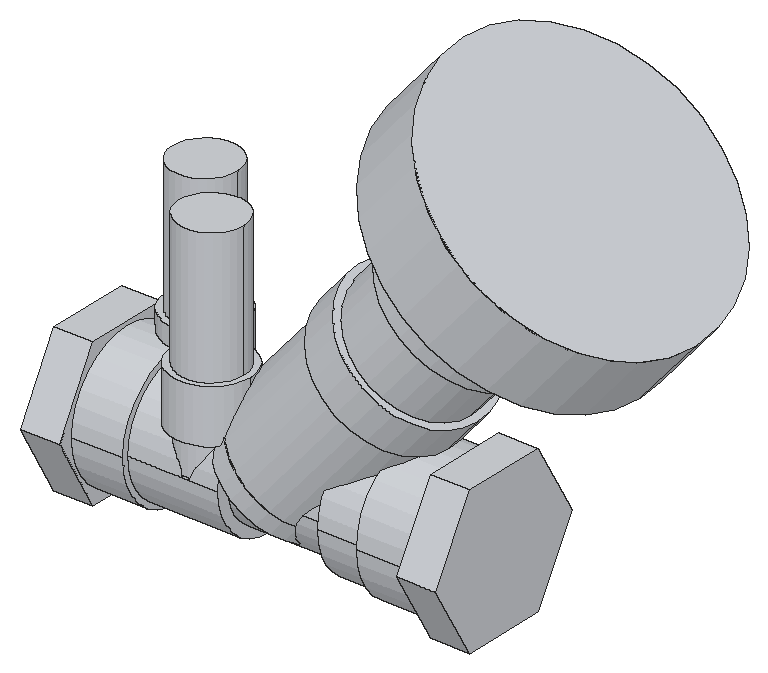
Revit family "D9515-DN20-RFA_2019", category Pipe Accessories, Revit 2019
Family settings
  Round Connector Dimension = Use Diameter
  Part Type = Valve - Breaks Into
  Work Plane-Based = No
  Always vertical = Yes
  Cut with Voids When Loaded = No
  Shared = No
Parameters (values of type "D9515 DN20")
  magiProductId = "db511cd39f454f418d6e49e6ac0c56"
  magiProductFamilyId = "2231140663314cd0b01ba8939d6b11"
  magiPartTypeId = 304
  isMeasuringValve [instance] = no
  ang2D [instance] = 0.00°
  W2D = 15 mm
  W21 = 7.5 mm
  VersionID = "2.0/2017.10.31.1/VIR_9515_001"
  Use Minimum Symbol Size [instance] = yes
  URL = "www.hydronix.cz"
  Type Comments = "Ruční vyvažovací ventil s měřením na cloně; PN25; -10~+130°C; (měřicí vsuvky -10~+120°C)"
  RN2 = 19.5 mm
  RN = 19.5 mm
  R7 = 9 mm
  R6 = 7.5 mm
  R3 = 16.25 mm
  R2 = 15 mm
  R14 = 20 mm
  R13 = 16.25 mm
  R12 = 17.875 mm
  R11 = 16.25 mm
  R1 = 12.5 mm
  QmdConnectorList = "301;D;302;D"
  Productdata [instance] = ""
  NUT1 = no
  Manufacturer = "Hydronix"
  MC Product Code = "9515 020 (DN20, PN25; kvs3,67; kvc5,33)"
  MC Piping Given Pressure Drop [instance] = 0.0 Pa
  L_2 = 47.95 mm
  L5 = 2 mm
  L4__ve = -L4  # -21 mm
  L4 = 21 mm
  L3 = 10 mm
  L2__ve = -L2  # -12 mm
  L2D_Min = 3048 mm
  L2D = 87.8 mm
  L22 = 21 mm
  L21 = 7.5 mm
  L2 = 12 mm
  L1__ve = -L1  # -9 mm
  L1 = 9 mm
  HWR = 35 mm
  H24 = 30.9 mm
  H23 = 12.36 mm
  H22 = 8.35 mm
  H21 = 8.25 mm
  H15 = 20 mm
  H14 = 18.088 mm
  H13 = 9 mm
  H12 = 10 mm
  H11 = 32 mm
  H10 = 5 mm
  Description = "Ruční vyvažovací ventil s měřením na cloně; PN25"
  D = 20 mm
  CenSd_RN_6 = RN * cos(30.00°)  # 16.887 mm
  CenSd_RN2_6 = RN2 * cos(30.00°)  # 16.887 mm
  CAT0 = yes
Types (6, lengths in mm): name | magiProductId | W21 | RN2 | RN | R3 | R2 | R13 | R12 | R11 | R1 | MC Product Code | L_2 | L3 | L2__ve | L2 | L1__ve | L1 | H24 | H23 | H22 | H21 | H14 | H12 | H10 | D | CenSd_RN_6 | CenSd_RN2_6
  D9515 DN15 | "17cbc467cde14417a5a74aa240a316" | 6.75 | 17.55 | 17.55 | 14.625 | 13.5 | 14.625 | 16.087 | 14.625 | 11.25 | "9515 015 (DN15, PN25; kvs1,92; kvc2,80)" | 43.9 | 10 | -12 | 12 | -8 | 8 | 30.9 | 12.36 | 6.725 | 6.625 | 19.088 | 10 | 4 | 15 | 15.199 | 15.199
  D9515 DN20 | "db511cd39f454f418d6e49e6ac0c56" | 7.5 | 19.5 | 19.5 | 16.25 | 15 | 16.25 | 17.875 | 16.25 | 12.5 | "9515 020 (DN20, PN25; kvs3,67; kvc5,33)" | 47.95 | 10 | -12 | 12 | -9 | 9 | 30.9 | 12.36 | 8.35 | 8.25 | 18.088 | 10 | 5 | 20 | 16.887 | 16.887
  D9515 DN25 | "e8aaae3d88cc438088acb51c2ae749" | 8.25 | 21.45 | 21.45 | 17.875 | 16.5 | 17.875 | 19.663 | 17.875 | 13.75 | "9515 025 (DN25, PN25; kvs6,24; kvc9,72)" | 50 | 12 | -14 | 14 | -10 | 10 | 30.9 | 12.36 | 9.975 | 9.875 | 17.088 | 10 | 6 | 25 | 18.576 | 18.576
  D9515 DN32 | "dc2d0354abae4200a8eaff76faf524" | 9.3 | 20.4 | 24.18 | 20.15 | 18.6 | 17 | 22.165 | 20.15 | 15.5 | "9515 032 (DN32, PN25; kvs12,54; kvc20,25)" | 58.75 | 13 | -15 | 15 | -11.4 | 11.4 | 36.9 | 14.76 | 12.25 | 12.15 | 37.197 | 15 | 7 | 32 | 20.94 | 17.667
  D9515 DN40 | "9b6b6dd7761a428fa780a8a57ab3c3" | 10.5 | 20.4 | 27.3 | 22.75 | 21 | 17 | 25.025 | 22.75 | 17.5 | "9515 040 (DN40, PN25; kvs19,59; kvc30,23)" | 63.5 | 14 | -16 | 16 | -13 | 13 | 37.5 | 15 | 14.85 | 14.75 | 38.807 | 15 | 8 | 40 | 23.642 | 17.667
  D9515 DN50 | "6b5b9dd02a164b53a7f96efb176f34" | 12 | 20.4 | 31.2 | 26 | 24 | 17 | 28.6 | 26 | 20 | "9515 050 (DN50, PN25; kvs29,72; kvc55,07)" | 72.65 | 15 | -17 | 17 | -15 | 15 | 40.8 | 16.32 | 18.1 | 18 | 51.167 | 15 | 10 | 50 | 27.02 | 17.667
Reference planes
  plane 1 "Center (Front/Back)": y = 0
  plane 2 "XYPLANE": z = 0
  plane 3 "Center (Left/Right)": x = 0
  plane 4 "329": through (-573.319, 0, 485.921) normal (0.6428, 0, 0.766)
  plane 5 "328": y = -7.5
  plane 6 "327": y = 7.5
  plane 7 "312": through (-552.75, 0, 510.434) normal (0.6428, 0, 0.766)
  plane 8 "176": z = 20.61
  plane 9 "173": z = 8.35
  plane 10 "163": x = -2
  plane 11 "158": x = 16.95
  plane 12 "157": x = 26.95
  plane 13 "154": x = -5.95
  plane 14 "83": z = 20.71
  plane 15 "76": x = -26.95
  plane 16 "73": z = 8.25
  plane 17 "70": z = 0
  plane 18 "69": y = 0
  plane 19 "68": x = -13.45
  plane 20 "60": through (-521.84, 0, 547.272) normal (0.6428, 0, 0.766)
  plane 21 "57": through (-534.695, 0, 531.951) normal (0.6428, 0, 0.766)
  plane 22 "54": through (-546.322, 0, 518.095) normal (0.6428, 0, 0.766)
  plane 23 "32": through (-576.533, 0, 482.091) normal (0.6428, 0, 0.766)
  plane 24 "31": y = 0
  plane 25 "30": through (480.091, 0, 574.533) normal (0.766, 0, -0.6428)
  plane 26 "21": x = -26.95
  plane 27 "20": x = 38.95
  plane 28 "19": x = -38.95
  plane 29 "13": x = 0
  plane 30 "11": x = 47.95
  plane 31 "10": x = -47.95
  plane 32 "9": y = 0
  plane 33 "8": z = 0
  plane 34 "65XY": z = 0
  plane 35 "65XZ": y = 0
  plane 36 "65YZ": x = -2.9
  plane 37 "27XY": through (-576.533, 0, 482.091) normal (0.6428, 0, 0.766)
  plane 38 "27XZ": y = 0
  plane 39 "27YZ": through (480.091, 0, 574.533) normal (0.766, 0, -0.6428)
Forms (mm)
  Extrusion 1, solid, visible <- "CAT0"
    sketch origin (-576.533, 0, 482.091) x (0.766044, 0, -0.642788) y (0, 1, 0)
      loop
        circle (750, 0) r 16.25
    from 0 to 5 <- "H10"
  Extrusion 2, solid
    sketch origin (26.95, -750, 0) x (0, 1, 0) y (0, 0, 1)
      loop
        circle (750, 0) r 16.25
    from 0 to 12 <- "L2"
  Extrusion 3, solid
    sketch origin (16.95, -750, 0) x (0, 1, 0) y (0, 0, 1)
      loop
        circle (750, 0) r 15
    from 0 to 10 <- "L3"
  Extrusion 4, solid
    sketch origin (-26.95, -750, 0) x (0, 1, 0) y (0, 0, 1)
      loop
        circle (750, 0) r 16.25
    from 0 to -12 <- "L2__ve"
  Extrusion 5, solid
    sketch origin (-5.95, -750, 0) x (0, 1, 0) y (0, 0, 1)
      loop
        circle (750, 0) r 15
    from 0 to -21 <- "L4__ve"
  Extrusion 6, solid
    sketch origin (-573.319, 0, 485.921) x (0.766044, 0, -0.642788) y (0, 1, 0)
      loop
        circle (750, 0) r 16.25
    from 0 to 32 <- "H11"
  Extrusion 7, solid
    sketch origin (-2.9, 750, 20.61) x (0, -1, 0) y (1, 0, 0)
      loop
        circle (742.5, -24.05) r 7.5
    from 0 to 30.9 <- "H24"
  Extrusion 8, solid
    sketch origin (-2.9, 750, 8.25) x (0, -1, 0) y (1, 0, 0)
      loop
        circle (742.5, -24.05) r 9
    from 0 to 12.36 <- "H23"
  Extrusion 9, solid
    sketch origin (-546.322, 0, 518.095) x (0.766044, 0, -0.642788) y (0, 1, 0)
      loop
        circle (750, 0) r 16.25
    from 0 to 18.088 <- "H14"
  Extrusion 10, solid, visible <- "NUT1"
    sketch origin (-546.322, 0, 518.095) x (0.766044, 0, -0.642788) y (0, 1, 0)
      loop
        line (750, 19.5) -> (733.113, 9.75) -> (733.113, -9.75) -> (750, -19.5) -> (766.887, -9.75) -> (766.887, 9.75) -> (750, 19.5)
    from 0 to 9 <- "H13"
  Blend 11, solid
    base sketch origin (-5.95, -750, 0) x (0, 1, 0) y (0, 0, 1)
      loop
        circle (750, 0) r 12.5
    top sketch origin (-5.95, -750, 0) x (0, 1, 0) y (0, 0, 1)
      loop
        circle (750, 0) r 12.5
    from 0 to 22.9
  Extrusion 12, solid
    sketch origin (-2.9, 750, 0) x (0, -1, 0) y (1, 0, 0)
      loop
        circle (757.5, -10.55) r 7.5
    from 0 to 8.35 <- "H22"
  Extrusion 13, solid
    sketch origin (-2.9, 750, 20.71) x (0, -1, 0) y (1, 0, 0)
      loop
        circle (757.5, -10.55) r 7.5
    from 0 to 30.9 <- "H24"
  Extrusion 14, solid
    sketch origin (-2.9, 750, 0) x (0, -1, 0) y (1, 0, 0)
      loop
        circle (742.5, -24.05) r 7.5
    from 0 to 8.25 <- "H21"
  Extrusion 15, solid
    sketch origin (-2.9, 750, 8.35) x (0, -1, 0) y (1, 0, 0)
      loop
        circle (757.5, -10.55) r 9
    from 0 to 12.36 <- "H23"
  Extrusion 16, solid, visible <- "CAT0"
    sketch origin (-521.84, 0, 547.272) x (0.766044, 0, -0.642788) y (0, 1, 0)
      loop
        circle (750, 0) r 35
    from 0 to 20 <- "H15"
  Extrusion 17, solid
    sketch origin (-534.695, 0, 531.951) x (0.766044, 0, -0.642788) y (0, 1, 0)
      loop
        circle (750, 0) r 20
    from 0 to 20 <- "H15"
  Extrusion 18, solid
    sketch origin (-552.75, 0, 510.434) x (0.766044, 0, -0.642788) y (0, 1, 0)
      loop
        circle (750, 0) r 17.875
    from 0 to 10 <- "H12"
  Extrusion 19, solid
    sketch origin (47.95, -750, 0) x (0, 1, 0) y (0, 0, 1)
      loop
        line (730.5, 0) -> (740.25, -16.887) -> (759.75, -16.887) -> (769.5, 0) -> (759.75, 16.887) -> (740.25, 16.887) -> (730.5, 0)
    from 0 to -9 <- "L1__ve"
  Extrusion 20, solid
    sketch origin (-47.95, -750, 0) x (0, 1, 0) y (0, 0, 1)
      loop
        line (769.5, 0) -> (759.75, 16.887) -> (740.25, 16.887) -> (730.5, 0) -> (740.25, -16.887) -> (759.75, -16.887) -> (769.5, 0)
    from 0 to 9 <- "L1"
  Extrusion 21, solid, not visible
    sketch origin (47.95, -750, 0) x (0, 1, 0) y (0, 0, 1)
      loop
        circle (750, 0) r 10.75
    from 0 to -10
  Extrusion 22, solid, not visible
    sketch origin (-47.95, -750, 0) x (0, 1, 0) y (0, 0, 1)
      loop
        circle (750, 0) r 10.75
    from 0 to 10
Lines and regions (mm)
  reference lines, not visible
    curve 1: circle (2, 2, 0) r 1 normal (0, 0, 1)
  reference lines
    curve 2: line (28.211, 0, 36.004) -> (34.032, -4.387, 31.119)
    curve 3: line (28.211, 0, 36.004) -> (28.211, -8.775, 36.004)
    curve 4: line (28.211, 0, 36.004) -> (22.39, -4.387, 40.889)
    curve 5: line (47.95, 0, 0) -> (47.95, 4.387, -7.599)
    curve 6: line (47.95, 0, 0) -> (47.95, 8.775, 0)
    curve 7: line (47.95, 0, 0) -> (47.95, 4.387, 7.599)
    curve 8: line (-47.95, 0, 0) -> (-47.95, -4.387, -7.599)
    curve 9: line (-47.95, 0, 0) -> (-47.95, -8.775, 0)
    curve 10: line (-47.95, 0, 0) -> (-47.95, -4.387, 7.599)
Dimensions and locks
  plane 1 "Center (Front/Back)" to curve 1 = 2 mm
  "H10": plane 23 "32" to plane 4 "329"
  "W21": plane 18 "69" to plane 5 "328"
  "W21": plane 18 "69" to plane 6 "327"
  "H11": plane 4 "329" to plane 7 "312"
  "H23": plane 16 "73" to plane 8 "176"
  "H22": plane 17 "70" to plane 9 "173"
  "L5": plane 29 "13" to plane 10 "163"
  "L3": plane 12 "157" to plane 11 "158"
  "L2": plane 27 "20" to plane 12 "157"
  "L4": plane 26 "21" to plane 13 "154"
  "H23": plane 9 "173" to plane 14 "83"
  "L22": plane 13 "154" to plane 15 "76"
  "H21": plane 17 "70" to plane 16 "73"
  locked: plane 33 "8" to plane 17 "70"
  locked: plane 32 "9" to plane 18 "69"
  "L21": plane 13 "154" to plane 19 "68"
  "H15": plane 21 "57" to plane 20 "60"
  "H14": plane 22 "54" to plane 21 "57"
  "H12": plane 7 "312" to plane 22 "54"
  locked: plane 37 "27XY" to plane 23 "32"
  locked: plane 32 "9" to plane 24 "31"
  locked: plane 39 "27YZ" to plane 25 "30"
  "L2": plane 28 "19" to plane 26 "21"
  "L1": plane 30 "11" to plane 27 "20"
  "L1": plane 31 "10" to plane 28 "19"
  locked: plane 3 "Center (Left/Right)" to plane 29 "13"
  "L_2": plane 3 "Center (Left/Right)" to plane 30 "11"
  "L_2": plane 3 "Center (Left/Right)" to plane 31 "10"
  locked: plane 1 "Center (Front/Back)" to plane 32 "9"
  locked: plane 2 "XYPLANE" to plane 33 "8"
  "CenSd_RN2_6": curve 2 to Extrusion 10 sketch curve  (x2)
  "CenSd_RN2_6": curve 3 to Extrusion 10 sketch curve  (x2)
  "CenSd_RN2_6": curve 4 to Extrusion 10 sketch curve  (x2)
  Extrusion 10 sketch curve to Extrusion 10 sketch curve = 0 mm  (x12)
  "CenSd_RN_6": curve 5 to Extrusion 19 sketch curve  (x2)
  "CenSd_RN_6": curve 6 to Extrusion 19 sketch curve  (x2)
  "CenSd_RN_6": curve 7 to Extrusion 19 sketch curve  (x2)
  Extrusion 19 sketch curve to Extrusion 19 sketch curve = 0 mm  (x12)
  "CenSd_RN_6": curve 8 to Extrusion 20 sketch curve  (x2)
  "CenSd_RN_6": curve 9 to Extrusion 20 sketch curve  (x2)
  "CenSd_RN_6": curve 10 to Extrusion 20 sketch curve  (x2)
  Extrusion 20 sketch curve to Extrusion 20 sketch curve = 0 mm  (x12)
  "R11": radius of Extrusion 1 sketch curve
  "R3": radius of Extrusion 2 sketch curve
  "R2": radius of Extrusion 3 sketch curve
  "R3": radius of Extrusion 4 sketch curve
  "R2": radius of Extrusion 5 sketch curve
  "R11": radius of Extrusion 6 sketch curve
  "R6": radius of Extrusion 7 sketch curve
  "R7": radius of Extrusion 8 sketch curve
  "R13": radius of Extrusion 9 sketch curve
  "R1": radius of Blend 11 sketch curve  (x2)
  "R6": radius of Extrusion 12 sketch curve
  "R6": radius of Extrusion 13 sketch curve
  "R6": radius of Extrusion 14 sketch curve
  "R7": radius of Extrusion 15 sketch curve
  "HWR": radius of Extrusion 16 sketch curve
  "R14": radius of Extrusion 17 sketch curve
  "R12": radius of Extrusion 18 sketch curve
  locked: curve 3 to curve 2 (angle 60.00°)
  locked: curve 4 to curve 3 (angle 60.00°)
  locked: curve 4 to curve 2 (angle 120.00°)
  locked: curve 6 to curve 5 (angle 60.00°)
  locked: curve 7 to curve 6 (angle 60.00°)
  locked: curve 7 to curve 5 (angle 120.00°)
  locked: curve 9 to curve 8 (angle 60.00°)
  locked: curve 10 to curve 9 (angle 60.00°)
  locked: curve 10 to curve 8 (angle 120.00°)
  aligned and locked: level to plane 2 "XYPLANE"
  aligned and locked: plane 24 "31" to Extrusion 1 sketch curve
  aligned and locked: Extrusion 1 sketch curve to plane 25 "30"
  aligned and locked: Extrusion 2 sketch curve to plane 32 "9"
  aligned and locked: plane 33 "8" to Extrusion 2 sketch curve
  aligned and locked: Extrusion 3 sketch curve to plane 32 "9"
  aligned and locked: plane 33 "8" to Extrusion 3 sketch curve
  aligned and locked: Extrusion 4 sketch curve to plane 32 "9"
  aligned and locked: plane 33 "8" to Extrusion 4 sketch curve
  aligned and locked: Extrusion 5 sketch curve to plane 32 "9"
  aligned and locked: plane 33 "8" to Extrusion 5 sketch curve
  aligned and locked: plane 24 "31" to Extrusion 6 sketch curve
  aligned and locked: Extrusion 6 sketch curve to plane 25 "30"
  aligned and locked: plane 6 "327" to Extrusion 7 sketch curve
  aligned and locked: plane 15 "76" to Extrusion 7 sketch curve
  aligned and locked: plane 6 "327" to Extrusion 8 sketch curve
  aligned and locked: plane 15 "76" to Extrusion 8 sketch curve
  aligned and locked: plane 24 "31" to Extrusion 9 sketch curve
  aligned and locked: Extrusion 9 sketch curve to plane 25 "30"
  aligned and locked: curve 2 to plane 25 "30"
  aligned and locked: plane 24 "31" to curve 3
  aligned and locked: Blend 11 sketch curve to plane 32 "9"  (x2)
  aligned and locked: plane 33 "8" to Blend 11 sketch curve  (x2)
  aligned and locked: plane 11 "158" to Blend 11
  aligned and locked: plane 5 "328" to Extrusion 12 sketch curve
  aligned and locked: plane 19 "68" to Extrusion 12 sketch curve
  aligned and locked: plane 5 "328" to Extrusion 13 sketch curve
  aligned and locked: plane 19 "68" to Extrusion 13 sketch curve
  aligned and locked: plane 6 "327" to Extrusion 14 sketch curve
  aligned and locked: plane 15 "76" to Extrusion 14 sketch curve
  aligned and locked: plane 5 "328" to Extrusion 15 sketch curve
  aligned and locked: plane 19 "68" to Extrusion 15 sketch curve
  aligned and locked: plane 24 "31" to Extrusion 16 sketch curve
  aligned and locked: Extrusion 16 sketch curve to plane 25 "30"
  aligned and locked: plane 24 "31" to Extrusion 17 sketch curve
  aligned and locked: Extrusion 17 sketch curve to plane 25 "30"
  aligned and locked: plane 24 "31" to Extrusion 18 sketch curve
  aligned and locked: Extrusion 18 sketch curve to plane 25 "30"
  aligned and locked: curve 7 to plane 32 "9"
  aligned and locked: plane 33 "8" to curve 7
  aligned and locked: curve 10 to plane 32 "9"
  aligned and locked: plane 33 "8" to curve 10
  aligned and locked: Extrusion 21 sketch curve to plane 32 "9"
  aligned and locked: plane 33 "8" to Extrusion 21 sketch curve
  aligned and locked: Extrusion 22 sketch curve to plane 32 "9"
  aligned and locked: plane 33 "8" to Extrusion 22 sketch curve
Automatic sketch dimensions
  Extrusion 21 sketch curve to plane 5 "328" = 3.25 mm
  Extrusion 22 sketch curve to plane 5 "328" = 3.25 mm
  plane 3 "Center (Left/Right)" to curve 1 = 2 mm
  radius of curve 1 = 1 mm
Connectors
  piping at (-47.95, 0, 0), diameter 20, driven by "D"
    settings: on Extrusion 22, index 1, connector inside diameter 609.6 mm, connector length 0 mm, flow factor 0, pipe flow 0.0 L/s, pressure drop 0.0 Pa, fitting loss kfactor 0, connector angle 0.00°, fixture units 0, engagement length 0 mm, angle of deflection 0.00°, flow configuration 0, flow direction 0, fitting loss method 0, system type 29, joint type 0, gender type 0, connector reference index 2, connector utility 0, adjustable connector no, is connector primary yes, connector description ""
  piping at (47.95, 0, 0), diameter 20, driven by "D"
    settings: on Extrusion 21, index 2, connector inside diameter 609.6 mm, connector length 0 mm, flow factor 0, pipe flow 0.0 L/s, pressure drop 0.0 Pa, fitting loss kfactor 0, connector angle 0.00°, fixture units 0, engagement length 0 mm, angle of deflection 0.00°, flow configuration 0, flow direction 0, fitting loss method 0, system type 29, joint type 0, gender type 0, connector reference index 1, connector utility 0, adjustable connector no, is connector primary no, connector description ""
